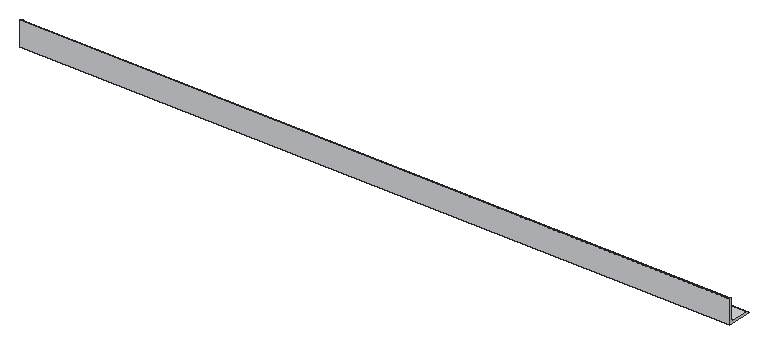
Revit family "AVLN_Набор перемычек", category Обобщенные модели, Revit 2021
Family settings
  Основа = Стена
  Может служить основой для арматурных стержней = Нет
  Размер круглого соединителя = Использовать диаметр
  Тип детали = Нормальный
  Всегда вертикально = Да
  При загрузке вырезать с полостями = Нет
  Общий = Да
  Точка принадлежности помещению = Нет
Parameters (values of type "АР3.1_ПР14_У_120_3630")
  Элемент 9(3) = Перемычки - Пластина (ГОСТ 103-76) : 50х4, L=200
  Элемент 8(2)_Материал = none
  Элемент 8(2) = Перемычки - Уголок (ГОСТ 8509-93) : 160х10, L=190
  Элемент 9(3)_Материал = none
  Элемент 6(1)_Материал = none
  Элемент 6(1) = Перемычки - Уголок (ГОСТ 8509-93) : 160х10, L=190
  Элемент 5(1)_Материал = none
  Элемент 5(1) = Перемычки - Арматура (ГОСТ 34028-2016) : АIII ∅12, L=1500
  Элемент 4(1)_Материал = none
  Элемент 4(1) = Перемычки - Арматура (ГОСТ 34028-2016) : АIII ∅12, L=1500
  Элемент 3(1)_Материал = none
  Элемент 3(1) = Перемычки - Арматура (ГОСТ 34028-2016) : АIII ∅12, L=1500
  Элемент 2(1)_Материал = none
  Элемент 2(1) = Перемычки - Уголок (ГОСТ 8509-93)(Зеркальный) : 40х4, L=2150(Зеркальный)
  Элемент 1(1)_Материал = none
  Элемент 1(1) = Перемычки - Уголок (ГОСТ 8509-93) : 120х8, L=3630
  Ширина проема Элементы8(2)_9(3) = 3130 mm
  Элементы соединительные(3) = no
  Элементы горизонтальные(1) = yes
  Шаг анкера = 60 mm
  Стена_толщина = 120 mm
  Полка_правая = 250 mm
  Полка_левая = 250 mm
  Отступ анкера = 30 mm
  Отметка по умолчанию = 0 mm
  Область маскировки = yes
  Комментарии к типоразмеру = "Фасад_АР3.1"
  Количество анкеров на уголок = 2
  Горизонтальное смещение Элемент1-6(1) = (Полка_правая - Полка_левая) / 2  # 0 mm
  Расчетное расстояние от произвольной плоскости = Расстояние от вспомогательной плоскости + [Горизонтальное смещение Элемент1-6(1)]  # 2500 mm
  Расстояние от вспомогательной плоскости = 2500 mm  # constant formula
  Соединительные Привязка_Элемент 9(3) = ([Ширина проема Элементы8(2)_9(3)] - ([Количество соединительные Элементы 9(3)] - 1) * [Шаг соединительные Элементы 9(3)]) / 2  # 1315 mm
  Количество соединительные Элементы 9(3) = 2
  Шаг соединительные Элементы 9(3) = 500 mm
  Высота Элемент 8(2) = 10 mm
  Элементы крепления(2) = no
  Отступ Элемент 8(2) = 0 mm
  Высота Элемент 9(3) = -4 mm
  Высота Элемент 6(1) = 0 mm
  Элемент 6(1)_Видимость = if(and([Элементы горизонтальные(1)]), Количество горизонтальных элементов > 5, Видимость_not)  # no
  Высота Элемент 5(1) = 0 mm
  Элемент 5(1)_Видимость = if(and([Элементы горизонтальные(1)]), Количество горизонтальных элементов > 4, Видимость_not)  # no
  Высота Элемент 4(1) = 0 mm
  Элемент 4(1)_Видимость = if(and([Элементы горизонтальные(1)]), Количество горизонтальных элементов > 3, Видимость_not)  # no
  Высота Элемент 3(1) = 0 mm
  Элемент 3(1)_Видимость = if(and([Элементы горизонтальные(1)]), Количество горизонтальных элементов > 2, Видимость_not)  # no
  Высота Элемент 2(1) = 0 mm
  Элемент 2(1)_Видимость = if(and([Элементы горизонтальные(1)]), Количество горизонтальных элементов > 1, Видимость_not)  # no
  Высота Элемент 1(1) = 8 mm
  Отступ от 5 до 6 = 0 mm
  Отступ от 4 до 5 = 0 mm
  Отступ от 3 до 4 = 0 mm
  Отступ от 2 до 3 = 0 mm
  Отступ от 1 до 2 = 192 mm
  Отступ до Элемент 1 = 0 mm
  Область видимости_По высоте вниз [instance] = 1200 mm
  Крепление_Справа_Видимость = if(and([Элементы крепления(2)], [Крепление_Справа(2)]), [Видимость Элемент 8(2)], Видимость_not)  # no
  Крепление_Справа(2) = no
  Крепление_Слева_Видимость = if(and([Элементы крепления(2)], [Крепление_Слева(2)]), [Видимость Элемент 8(2)], Видимость_not)  # no
  Крепление_Слева(2) = no
  Количество горизонтальных элементов = 1
  Группа модели = "Перемычка"  # constant formula
  Высота Анкер = 30 mm
  Видимость Элемент 8(2) = Видимость_Определение = 1 mm  # yes
  Видимость_Определение = 1 mm  # constant formula
  Видимость_not = Видимость_Определение = 2 mm  # no
  Анкер_справа_3_Видимость = and(Анкер справа, Количество анкеров на уголок > 2)  # no
  Анкер_справа_2_видимость = and(Анкер справа, Количество анкеров на уголок > 1)  # no
  Анкер_справа_1_видимость = and(Анкер справа, Количество анкеров на уголок > 0)  # no
  Анкер_слева_3_видимость = and(Анкер слева, Количество анкеров на уголок > 2)  # no
  Анкер_слева_2_видимость = and(Анкер слева, Количество анкеров на уголок > 1)  # no
  Анкер_слева_1_видимость = and(Анкер слева, Количество анкеров на уголок > 0)  # no
  Анкер справа = no
  Анкер слева = no
Reference planes
  plane 1 "Стена": y = 0
  plane 2 "По центру (Влево/Вправо)": x = 125
  plane 3 "Назад": y = 150
  plane 4: z = 0
  plane 5: y = -150
  plane 6: y = -150
  plane 7: y = 42
  plane 8: y = 42
  plane 9: y = 42
  plane 10: y = 42
  plane 11: y = 42
  plane 12: x = 1690
  plane 13: x = -1440
  plane 14: y = 360
  plane 15: x = -2375
  plane 16 "Анкер1": y = -120
  plane 17 "Анкер2": y = -60
  plane 18: x = 1940
  plane 19: x = -1690
  plane 20 "нкер3": y = 0
Lines and regions (mm)
  model lines, style "InvisibleLines"
    curve 1: line (125, 0, 0) -> (125, 0, -1200)
Text (mm)
  text "Сторона размещения" at (-2895.44, 3293.409, 0), in view "Опорный уровень"
  text "Сторона размещения" at (0, 1409.804, 2854.306), in view "Слева"
  text "Сторона размещения" at (0, 499.811, 2980.732), in view "Справа"
Dimensions and locks
  plane 3 "Назад" to plane 3 "Назад" = 0 mm
  "Отступ до Элемент 1": plane 6 to plane 5
  "Отступ от 1 до 2": plane 7 to plane 6
  "Отступ от 2 до 3": plane 8 to plane 7
  "Отступ от 3 до 4": plane 9 to plane 8
  "Отступ от 4 до 5": plane 10 to plane 9
  equal spacing: plane 13, plane 2 "По центру (Влево/Вправо)", plane 12
  "Ширина проема Элементы8(2)_9(3)": plane 13 to plane 12
  plane 13 to plane 12 = 3130 mm
  "Отступ Элемент 8(2)": nested 9 to plane 5
  "Отступ Элемент 8(2)": nested 8 to plane 5
  "Расстояние от вспомогательной плоскости": plane 15 to plane 2 "По центру (Влево/Вправо)"
  "Расчетное расстояние от произвольной плоскости": plane 15 to nested 2
  "Расчетное расстояние от произвольной плоскости": plane 15 to nested 3
  "Расчетное расстояние от произвольной плоскости": plane 15 to nested 4
  "Расчетное расстояние от произвольной плоскости": plane 15 to nested 7
  "Расчетное расстояние от произвольной плоскости": plane 15 to nested 5
  "Расчетное расстояние от произвольной плоскости": plane 15 to nested 6
  "Область видимости_По высоте вниз": level to curve 1
  "Область видимости_По высоте вниз": curve 1 to level
  "Соединительные Привязка_Элемент 9(3)": plane 13 to nested 10
  group 1 to group 2 = 500 mm
  group 2 to group 1 = 0 mm
  group 1 to group 2 = 0 mm
  plane 5 to nested 1 to plane 3 "Назад" = 150 mm, 150 mm
  plane 6 to plane 5 = 0 mm
  "Отступ анкера": plane 16 "Анкер1" to plane 5
  "Шаг анкера": plane 17 "Анкер2" to plane 16 "Анкер1"
  "Отступ от 5 до 6": plane 10 to plane 11
  plane 2 "По центру (Влево/Вправо)" to nested 2 = 0 mm
  "Полка_правая": plane 18 to plane 12
  "Полка_левая": plane 19 to plane 13
  "Шаг анкера": plane 17 "Анкер2" to plane 20 "нкер3"
  aligned and locked: plane 1 "Стена" to host wall
  aligned and locked: level to plane 4
  aligned and locked: host wall to plane 5
  aligned and locked: curve 1 to host wall
  aligned and locked: plane 6 to nested 2
  aligned and locked: nested 3 to plane 7
  aligned and locked: nested 4 to plane 8
  aligned and locked: nested 5 to plane 10
  aligned and locked: nested 6 to plane 11
  aligned and locked: nested 7 to plane 9
  aligned and locked: plane 2 "По центру (Влево/Вправо)" to nested 1
  aligned and locked: nested 11 to plane 6
  aligned and locked: nested 10 to plane 6
  aligned and locked: plane 17 "Анкер2" to nested 12
  aligned and locked: plane 16 "Анкер1" to nested 14
  aligned and locked: nested 13 to plane 17 "Анкер2"
  aligned and locked: nested 15 to plane 16 "Анкер1"
  aligned and locked: nested 1 to host wall
  aligned and locked: plane 18 to nested 8
  aligned and locked: plane 18 to nested 12
  aligned and locked: plane 18 to nested 14
  aligned and locked: plane 19 to nested 9
  aligned and locked: nested 13 to plane 19
  aligned and locked: nested 15 to plane 19
  aligned and locked: nested 16 to plane 20 "нкер3"
  aligned and locked: nested 17 to plane 19
  aligned and locked: plane 18 to nested 16
  aligned and locked: plane 20 "нкер3" to nested 17
  aligned and locked: nested 8 to level
  aligned and locked: nested 2 to level
Automatic sketch dimensions
  plane 2 "По центру (Влево/Вправо)" to curve 1 = 0 mm
  curve 1 to level = 0 mm
Nested families
  nested 1: "Прозрачный прямоугольник - Элементы узлов" at (125, -60, 0), b <- "Ширина проема Элементы8(2)_9(3)", visible <- "Область маскировки", Полка_левая <- "Полка_левая", Полка_правая <- "Полка_правая", a <- "Стена_толщина", ADSK_Обозначение <- "Комментарии к типоразмеру", type "Прозрачный прямоугольник - Элементы узлов"
    with Полка_правая 250 mm, Полка_левая 250 mm, b 3130 mm, a 120 mm, ADSK_Обозначение "Фасад_АР3.1"
  nested 2: "Перемычки - Уголок (ГОСТ 8509-93)" at (125, -142.2, 8), type <- "Элемент 1(1)", built-in parameter 1001364 <- "Высота Элемент 1(1)", Structural Material <- "Элемент 1(1)_Материал", visible <- "Элементы горизонтальные(1)", ADSK_Обозначение <- "Комментарии к типоразмеру", type "120х8, L=3630"
    with ADSK_Обозначение "Фасад_АР3.1", Масса 0.00 kg, b_Ширина 120 mm, L_Длина 3630 mm
  nested 3: "Перемычки - Уголок (ГОСТ 8509-93)(Зеркальный)" at (125, 49.8, 0), type <- "Элемент 2(1)", built-in parameter 1001364 <- "Высота Элемент 2(1)", visible <- "Элемент 2(1)_Видимость", Structural Material <- "Элемент 2(1)_Материал", ADSK_Обозначение <- "Комментарии к типоразмеру", type "40х4, L=2150(Зеркальный)"
    with ADSK_Обозначение "Фасад_АР3.1", Масса 5.203 kg, t_Толщина 4 mm, b_Ширина 40 mm, L_Длина 2150 mm
  nested 4: "Перемычки - Арматура (ГОСТ 34028-2016)" at (125, 48, 0), type <- "Элемент 3(1)", built-in parameter 1001364 <- "Высота Элемент 3(1)", visible <- "Элемент 3(1)_Видимость", Structural Material <- "Элемент 3(1)_Материал", ADSK_Обозначение <- "Комментарии к типоразмеру", type "АIII ∅12, L=1500"
    with Область маскировки yes, q 10.2 mm, k 17.109 mm, ADSK_Обозначение "Фасад_АР3.1", Масса 1.33105 kg, Длина 1500 mm, r 6 mm, d_Диаметр 12 mm
  nested 5: "Перемычки - Арматура (ГОСТ 34028-2016)" at (125, 48, 0), built-in parameter 1001364 <- "Высота Элемент 5(1)", visible <- "Элемент 5(1)_Видимость", type <- "Элемент 5(1)", Structural Material <- "Элемент 5(1)_Материал", ADSK_Обозначение <- "Комментарии к типоразмеру", type "АIII ∅12, L=1500"
    with Область маскировки yes, q 10.2 mm, k 17.109 mm, ADSK_Обозначение "Фасад_АР3.1", Масса 1.33105 kg, Длина 1500 mm, r 6 mm, d_Диаметр 12 mm
  nested 6: "Перемычки - Уголок (ГОСТ 8509-93)" at (125, 49.8, 0), type <- "Элемент 6(1)", built-in parameter 1001364 <- "Высота Элемент 6(1)", visible <- "Элемент 6(1)_Видимость", Structural Material <- "Элемент 6(1)_Материал", ADSK_Обозначение <- "Комментарии к типоразмеру", type "160х10, L=190"
    with ADSK_Обозначение "Фасад_АР3.1", Масса 4.6873 kg, t_Толщина 10 mm, b_Ширина 160 mm, L_Длина 190 mm
  nested 7: "Перемычки - Арматура (ГОСТ 34028-2016)" at (125, 48, 0), type <- "Элемент 4(1)", built-in parameter 1001364 <- "Высота Элемент 4(1)", visible <- "Элемент 4(1)_Видимость", Structural Material <- "Элемент 4(1)_Материал", ADSK_Обозначение <- "Комментарии к типоразмеру", type "АIII ∅12, L=1500"
    with Область маскировки yes, q 10.2 mm, k 17.109 mm, ADSK_Обозначение "Фасад_АР3.1", Масса 1.33105 kg, Длина 1500 mm, r 6 mm, d_Диаметр 12 mm
  nested 8: "Перемычки - Уголок (ГОСТ 8509-93)" at (1932.2, -55, 10) x (0, 1, 0) z (0, 0, 1), type <- "Элемент 8(2)", built-in parameter 1001364 <- "Высота Элемент 8(2)", visible <- "Крепление_Справа_Видимость", Structural Material <- "Элемент 8(2)_Материал", ADSK_Обозначение <- "Комментарии к типоразмеру", type "160х10, L=190"
    with ADSK_Обозначение "Фасад_АР3.1", Масса 4.6873 kg, t_Толщина 10 mm, b_Ширина 160 mm, L_Длина 190 mm
  nested 9: "Перемычки - Уголок (ГОСТ 8509-93)" at (-1682.2, -55, 10) x (0, 1, 0) z (0, 0, 1), type <- "Элемент 8(2)", built-in parameter 1001364 <- "Высота Элемент 8(2)", visible <- "Крепление_Слева_Видимость", Structural Material <- "Элемент 8(2)_Материал", ADSK_Обозначение <- "Комментарии к типоразмеру", type "160х10, L=190"
    with ADSK_Обозначение "Фасад_АР3.1", Масса 4.6873 kg, t_Толщина 10 mm, b_Ширина 160 mm, L_Длина 190 mm
  nested 10: "Перемычки - Пластина (ГОСТ 103-76)" at (-125, -50, -4) x (0, 1, 0) z (0, 0, 1), type <- "Элемент 9(3)", built-in parameter 1001364 <- "Высота Элемент 9(3)", visible <- "Элементы соединительные(3)", Structural Material <- "Элемент 9(3)_Материал", ADSK_Обозначение <- "Комментарии к типоразмеру", type "50х4, L=200"
    with ADSK_Обозначение "Фасад_АР3.1", Масса 0.314 kg, t_Толщина 4 mm, b_Ширина 50 mm, L_Длина 200 mm
  nested 11: "Перемычки - Пластина (ГОСТ 103-76)" at (375, -50, -4) x (0, 1, 0) z (0, 0, 1), type <- "Элемент 9(3)", built-in parameter 1001364 <- "Высота Элемент 9(3)", visible <- "Элементы соединительные(3)", Structural Material <- "Элемент 9(3)_Материал", ADSK_Обозначение <- "Комментарии к типоразмеру", type "50х4, L=200"
    with ADSK_Обозначение "Фасад_АР3.1", Масса 0.314 kg, t_Толщина 4 mm, b_Ширина 50 mm, L_Длина 200 mm
  nested 12: "Перемычки - Анкер" at (1932, -54.6, 30), visible <- "Анкер_справа_2_видимость", built-in parameter 1001364 <- "Высота Анкер", ADSK_Обозначение <- "Комментарии к типоразмеру", type "Анкер-шпилька HSAхМ8х75"
    with ADSK_Обозначение "Фасад_АР3.1", Масса 0.031 kg
  nested 13: "Перемычки - Анкер" at (-1682, -65.4, 30) x (-1, 0, 0) z (0, 0, 1), visible <- "Анкер_слева_2_видимость", built-in parameter 1001364 <- "Высота Анкер", ADSK_Обозначение <- "Комментарии к типоразмеру", type "Анкер-шпилька HSAхМ8х75"
    with ADSK_Обозначение "Фасад_АР3.1", Масса 0.031 kg
  nested 14: "Перемычки - Анкер" at (1932, -114.6, 30), visible <- "Анкер_справа_1_видимость", built-in parameter 1001364 <- "Высота Анкер", ADSK_Обозначение <- "Комментарии к типоразмеру", type "Анкер-шпилька HSAхМ8х75"
    with ADSK_Обозначение "Фасад_АР3.1", Масса 0.031 kg
  nested 15: "Перемычки - Анкер" at (-1682, -125.4, 30) x (-1, 0, 0) z (0, 0, 1), visible <- "Анкер_слева_1_видимость", built-in parameter 1001364 <- "Высота Анкер", ADSK_Обозначение <- "Комментарии к типоразмеру", type "Анкер-шпилька HSAхМ8х75"
    with ADSK_Обозначение "Фасад_АР3.1", Масса 0.031 kg
  nested 16: "Перемычки - Анкер" at (1932, 5.4, 30), visible <- "Анкер_справа_3_Видимость", built-in parameter 1001364 <- "Высота Анкер", ADSK_Обозначение <- "Комментарии к типоразмеру", type "Анкер-шпилька HSAхМ8х75"
    with ADSK_Обозначение "Фасад_АР3.1", Масса 0.031 kg
  nested 17: "Перемычки - Анкер" at (-1682, -5.4, 30) x (-1, 0, 0) z (0, 0, 1), visible <- "Анкер_слева_3_видимость", built-in parameter 1001364 <- "Высота Анкер", ADSK_Обозначение <- "Комментарии к типоразмеру", type "Анкер-шпилька HSAхМ8х75"
    with ADSK_Обозначение "Фасад_АР3.1", Масса 0.031 kg
Definition of nested family "Перемычки - Уголок (ГОСТ 8509-93)"
  Parameters (values of type "125х8, L=200")
    Сталь по настоящему стандарту = "С245 ГОСТ 27772-88"
    Description = "Уголки"  # constant formula
    Обозначение стандарта на сортамент = "ГОСТ 8509-93"  # constant formula
    Обозначение = "ГОСТ 8509-93"
    Наименование = ""
    Масса = size_lookup(Lookup, "Масса", 0.00 kg, b_Ширина, t_Толщина) / 1000 mm * L_Длина  # 3.092 kg
    Model = "Элементы перемычек"  # constant formula
    t_Толщина = 8 mm
    b_Ширина = 125 mm
    Lookup = "ГОСТ 8509-93. Уголки стальные горячекатаные равнополочные"  # constant formula
    L_Длина = 200 mm
    ADSK_Обозначение [instance] = ""
  Reference planes
    plane 1: z = 0
    plane 2 "По центру (Влево/Вправо)": x = 0
    plane 3: x = -100
    plane 4: x = 100
    plane 5: y = -7.8
  Forms (mm)
    Sweep 1, solid
      path origin (0, -7.8, -7.8) x (1, 0, 0) y (0, 1, 0)
        loop
          line (-100, 0) -> (100, 0)
      profile "Уголок (ГОСТ 8509-93)-Профиль-Высокий : Уголок (ГОСТ 8509-93)-Профиль-Высокий" origin (0, -7.8, -7.8) x (0, 1, 0) y (0, 0, 1)
        loop
          line (-8, 124.8) -> (-8, -0.2) -> (117, -0.2)
          arc (117, -0.2) -> (114.657, 5.457) -> (109, 7.8) r 8
          line (109, 7.8) -> (20.833, 7.8)
          arc (20.833, 7.8) -> (6.102, 13.902) -> (0, 28.633) r 20.833
          line (0, 28.633) -> (0, 116.8)
          arc (0, 116.8) -> (-2.343, 122.457) -> (-8, 124.8) r 8
  Dimensions and locks
    equal spacing: plane 3, plane 2 "По центру (Влево/Вправо)", plane 4
    "L_Длина": plane 3 to plane 4
    aligned and locked: plane 1 to level
    aligned and locked: Sweep 1 to plane 5
    aligned and locked: level to Sweep 1
  Automatic sketch dimensions
    Sweep 1 sketch curve to plane 3 = 0 mm
    Sweep 1 sketch curve to plane 4 = 0 mm
    Sweep 1 sketch curve to plane 5 = 0 mm
Definition of nested family "Перемычки - Уголок (ГОСТ 8509-93)(Зеркальный)"
  Parameters (values of type "50х6, L=1030(Зеркальный)")
    Сталь по настоящему стандарту = "С245 ГОСТ 27772-88"
    Description = "Уголки"  # constant formula
    Обозначение стандарта на сортамент = "ГОСТ 8509-93"  # constant formula
    Обозначение = "ГОСТ 8509-93"
    Наименование = "50x50x8 ГОСТ 8509-93"
    Масса = size_lookup(Lookup, "Масса", 0.00 kg, b_Ширина, t_Толщина) / 1000 mm * L_Длина  # 4.6041 kg
    Model = "Элементы перемычек"  # constant formula
    t_Толщина = 6 mm
    b_Ширина = 50 mm
    Lookup = "ГОСТ 8509-93. Уголки стальные горячекатаные равнополочные"  # constant formula
    L_Длина = 1030 mm
    ADSK_Обозначение [instance] = ""
  Reference planes
    plane 1: z = 0
    plane 2 "По центру (Влево/Вправо)": x = 0
    plane 3: x = -515
    plane 4: x = 515
    plane 5: y = -7.8
  Forms (mm)
    Sweep 1, solid
      path origin (0, -7.8, -7.8) x (1, 0, 0) y (0, 1, 0)
        loop
          line (-515, 0) -> (515, 0)
      profile "Уголок (ГОСТ 8509-93)-Профиль-Высокий : Уголок (ГОСТ 8509-93)-Профиль-Высокий" origin (0, -7.8, -7.8) x (0, 1, 0) y (0, 0, 1)
        loop
          arc (6, 51.8) -> (1.757, 50.043) -> (0, 45.8) r 6
          line (0, 45.8) -> (0, 16.133)
          arc (0, 16.133) -> (-2.441, 10.241) -> (-8.333, 7.8) r 8.333
          line (-8.333, 7.8) -> (-38, 7.8)
          arc (-38, 7.8) -> (-42.243, 6.043) -> (-44, 1.8) r 6
          line (-44, 1.8) -> (6, 1.8) -> (6, 51.8)
  Dimensions and locks
    equal spacing: plane 3, plane 2 "По центру (Влево/Вправо)", plane 4
    "L_Длина": plane 3 to plane 4
    aligned and locked: plane 1 to level
    aligned and locked: plane 5 to Sweep 1
    aligned and locked: level to Sweep 1
  Automatic sketch dimensions
    Sweep 1 sketch curve to plane 3 = 0 mm
    Sweep 1 sketch curve to plane 4 = 0 mm
    plane 5 to Sweep 1 sketch curve = 0 mm
Definition of nested family "Перемычки - Арматура (ГОСТ 34028-2016)"
  Parameters (values of type "АIII ∅16, L=1110")
    Description = "Арматура"  # constant formula
    Обозначение = "34028-2016"  # constant formula
    Область маскировки [instance] = yes
    Наименование = "АIII ∅16, L=1500"
    Масса = d_Диаметр * d_Диаметр * 3.14 / 4 * Длина * 7850.0000 kg/m³  # 1.75106 kg
    Длина = 1110 mm
    Model = "Элементы перемычек"  # constant formula
    r = d_Диаметр / 2  # 8 mm
    q [instance] = r * 1.7  # 13.6 mm
    k [instance] = 17.109 mm
    d_Диаметр = 16 mm
    ADSK_Обозначение [instance] = ""
  Reference planes
    plane 1 "По центру (Вперед/Назад)": y = 0
    plane 2: z = 0
    plane 3 "По центру (Влево/Вправо)": x = 0
    plane 4: x = -555
    plane 5: x = 555
    plane 6: z = 8
    plane 7: y = 8
    plane 8: z = 16
    plane 9: y = -8
    plane 10: z = 21.6
    plane 11: y = 17.109
    plane 12: y = -13.6
  Forms (mm)
    Extrusion 1, solid
      sketch origin (0, 0, 0) x (0, 1, 0) y (0, 0, 1)
        loop
          circle (0, 8) r 8
      from -555 to 555
  Lines and regions (mm)
    Masking region 1, visible <- "Область маскировки"
      outline origin (0, 0, 0) x (0, 1, 0) y (0, 0, 1)
        loop
          line (17.109, 21.6) -> (-8, 21.6) -> (-17.718, 0) -> (-0.597, 0) -> (-1.534, 0.149)
          arc (-1.534, 0.149) -> (-0.09, 15.999) -> (1.712, 0.185) r 8
          line (1.712, 0.185) -> (0.866, 0) -> (17.109, 0) -> (17.109, 21.6)
  Dimensions and locks
    equal spacing: plane 4, plane 3 "По центру (Влево/Вправо)", plane 5
    "Длина": plane 4 to plane 5
    "r": plane 6 to level
    "r": plane 7 to plane 1 "По центру (Вперед/Назад)"
    "r": plane 8 to plane 6
    "r": plane 9 to plane 1 "По центру (Вперед/Назад)"
    "k": plane 11 to plane 1 "По центру (Вперед/Назад)"
    "q": plane 10 to plane 6
    "q": plane 1 "По центру (Вперед/Назад)" to plane 12
    "r": radius of Extrusion 1 sketch curve
    "r": radius of Masking region 1 sketch curve
    aligned and locked: plane 2 to level
    aligned and locked: Extrusion 1 to plane 4
    aligned and locked: plane 5 to Extrusion 1
  Automatic sketch dimensions
    Extrusion 1 sketch curve to plane 1 "По центру (Вперед/Назад)" = 0 mm
    Extrusion 1 sketch curve to plane 6 = 0 mm
    Masking region 1 sketch curve to level = 0 mm  (x3)
    Masking region 1 sketch curve to plane 9 = 0 mm
    Masking region 1 sketch curve to plane 1 "По центру (Вперед/Назад)" = 0 mm
    Masking region 1 sketch curve to plane 11 = 0 mm
    Masking region 1 sketch curve to plane 6 = 0 mm
    Masking region 1 sketch curve to plane 10 = 0 mm
    plane 12 to Masking region 1 sketch curve = 4.118 mm
    level to Masking region 1 sketch curve = 0.149 mm
    level to Masking region 1 sketch curve = 0.185 mm
    plane 1 "По центру (Вперед/Назад)" to Masking region 1 sketch curve = 0.597 mm
    Masking region 1 sketch curve to plane 1 "По центру (Вперед/Назад)" = 0.866 mm
Definition of nested family "Перемычки - Пластина (ГОСТ 103-76)"
  Parameters (values of type "80х6, L=250")
    Сталь по настоящему стандарту = "С245 ГОСТ 27772-88"
    Description = "Пластины"  # constant formula
    Обозначение стандарта на сортамент = "ГОСТ 103-76"  # constant formula
    Обозначение = "ГОСТ 103-76"  # constant formula
    Наименование = "250х80х6 ГОСТ 103-76"
    Масса = t_Толщина * b_Ширина * L_Длина * 7850.0000 kg/m³  # 0.942 kg
    Model = "Элементы перемычек"  # constant formula
    t_Толщина = 6 mm
    b_Ширина = 80 mm
    L_Длина = 250 mm
    ADSK_Обозначение [instance] = ""
  Reference planes
    plane 1 "По центру (Вперед/Назад)": y = 0
    plane 2: z = 0
    plane 3 "По центру (Влево/Вправо)": x = 0
    plane 4: x = -125
    plane 5: x = 125
    plane 6: y = -40
    plane 7: z = -6
    plane 8: y = 40
  Forms (mm)
    Extrusion 1, solid
      sketch origin (0, 0, 0) x (1, 0, 0) y (0, 1, 0)
        loop
          line (-125, 40) -> (-125, -40) -> (125, -40) -> (125, 40) -> (-125, 40)
      from 0 to -6
  Dimensions and locks
    equal spacing: plane 4, plane 3 "По центру (Влево/Вправо)", plane 5
    "L_Длина": plane 4 to plane 5
    "t_Толщина": level to plane 7
    equal spacing: plane 8, plane 1 "По центру (Вперед/Назад)", plane 6
    "b_Ширина": plane 8 to plane 6
    aligned and locked: plane 2 to level
    aligned and locked: plane 4 to Extrusion 1 sketch curve
    aligned and locked: plane 6 to Extrusion 1 sketch curve
    aligned and locked: Extrusion 1 sketch curve to plane 5
    aligned and locked: Extrusion 1 to plane 7
    aligned and locked: Extrusion 1 sketch curve to plane 8
Definition of nested family "Перемычки - Анкер"
  Parameters (values of type "Анкер-шпилька HSAхМ8х75")
    Сталь по настоящему стандарту = ""
    Description = "Анкера"  # constant formula
    Обозначение стандарта на сортамент = ""
    Обозначение = ""
    Наименование = "Анкер-шпилька HSAхМ8х75"
    Масса = 0.00 kg
    Model = "Элементы перемычек"  # constant formula
    t_Толщина = 8 mm
    b_Ширина = 12 mm
    Lookup = ""
    L_Длина = 75 mm
    ADSK_Обозначение [instance] = ""
  Reference planes
    plane 1: z = 0
    plane 2 "По центру (Влево/Вправо)": x = 0
    plane 3: x = 75
    plane 4: y = -5.4
    plane 5: x = 8
  Forms (mm)
    Sweep 1, solid
      path origin (0, -5.4, -1.174) x (1, 0, 0) y (0, 0, 1)
        loop
          line (75, 1.174) -> (0, 1.174)
      profile origin (37.5, -5.4, 0) x (0, 0, -1) y (0, -1, 0)
        loop
          circle (0, 0) r 4
    Extrusion 2, solid
      sketch origin (0, -5.4, 0) x (0, -1, 0) y (0, 0, 1)
        loop
          circle (0, 0) r 4
        loop
          circle (0, 0) r 12
      from -8 to 0
  Dimensions and locks
    plane 2 "По центру (Влево/Вправо)" to plane 3 = 75 mm
    "L_Длина": plane 2 "По центру (Влево/Вправо)" to plane 3
    plane 2 "По центру (Влево/Вправо)" to plane 5 = 8 mm
    "t_Толщина": diameter of Sweep 1 sketch curve
    "t_Толщина": diameter of Extrusion 2 sketch curve
    "b_Ширина": radius of Extrusion 2 sketch curve
    aligned and locked: plane 1 to level
    aligned and locked: Sweep 1 sketch curve to plane 1
    aligned and locked: plane 2 "По центру (Влево/Вправо)" to Sweep 1 sketch curve
    aligned and locked: plane 3 to Sweep 1 sketch curve
    aligned and locked: plane 5 to Extrusion 2
    aligned and locked: Extrusion 2 to plane 2 "По центру (Влево/Вправо)"
  Automatic sketch dimensions
    Sweep 1 sketch curve to plane 4 = 0 mm
    Sweep 1 sketch curve to profile plane = 0 mm
    Extrusion 2 sketch curve to Extrusion 2 sketch curve = 0 mm  (x2)
Definition of nested family "Прозрачный прямоугольник - Элементы узлов"
  Parameters (values of type "Прозрачный прямоугольник - Элементы узлов")
    Полка_правая [instance] = 100 mm
    Полка_левая [instance] = 100 mm
    b [instance] = 300 mm
    a [instance] = 300 mm
    ADSK_Обозначение [instance] = ""
  Reference planes
    plane 1 "По центру (Вперед/Назад)": y = 0
    plane 2: z = 0
    plane 3 "По центру (Влево/Вправо)": x = 0
    plane 4: x = -150
    plane 5: x = 150
    plane 6: y = 300
    plane 7: y = 150
    plane 8 "полка левая": x = -250
    plane 9 "полка правая": x = 250
  Lines and regions (mm)
    detail lines, in view "Опорный уровень"
      curve 1: line (-250, 300, 0) -> (250, 300, 0)
      curve 2: line (-250, 0, 0) -> (-250, 300, 0)
      curve 3: line (250, 0, 0) -> (-250, 0, 0)
      curve 4: line (250, 300, 0) -> (250, 0, 0)
      curve 5: line (-150, 300, 0) -> (-150, 0, 0)
      curve 6: line (150, 300, 0) -> (150, 0, 0)
  Dimensions and locks
    equal spacing: plane 4, plane 3 "По центру (Влево/Вправо)", plane 5
    "a": plane 1 "По центру (Вперед/Назад)" to plane 6
    "b": plane 4 to plane 5
    equal spacing: plane 1 "По центру (Вперед/Назад)", plane 7, plane 6
    "Полка_правая": plane 5 to plane 9 "полка правая"
    "Полка_левая": plane 8 "полка левая" to plane 4
    aligned and locked: curve 1 to plane 6
    aligned and locked: curve 3 to plane 1 "По центру (Вперед/Назад)"
    aligned and locked: curve 4 to plane 9 "полка правая"
    aligned and locked: plane 8 "полка левая" to curve 2
    aligned and locked: curve 5 to plane 4
    aligned and locked: curve 6 to plane 5
    aligned and locked: plane 6 to curve 5
    aligned and locked: plane 1 "По центру (Вперед/Назад)" to curve 5
Types (54, lengths in mm): name | Элемент 9(3) | Элемент 8(2) | Элемент 6(1) | Элемент 5(1) | Элемент 4(1) | Элемент 3(1) | Элемент 2(1) | Элемент 1(1) | Ширина проема Элементы8(2)_9(3) | Элементы соединительные(3) | Шаг анкера | Стена_толщина | Полка_правая | Полка_левая | Отступ анкера | Комментарии к типоразмеру | Количество анкеров на уголок | Горизонтальное смещение Элемент1-6(1) | Расчетное расстояние от произвольной плоскости | Соединительные Привязка_Элемент 9(3) | Количество соединительные Элементы 9(3) | Высота Элемент 8(2) | Элементы крепления(2) | Отступ Элемент 8(2) | Высота Элемент 9(3) | Элемент 5(1)_Видимость | Элемент 4(1)_Видимость | Элемент 3(1)_Видимость | Элемент 2(1)_Видимость | Высота Элемент 1(1) | Отступ от 5 до 6 | Отступ от 4 до 5 | Отступ от 3 до 4 | Отступ от 2 до 3 | Отступ от 1 до 2 | Отступ до Элемент 1 | Крепление_Справа_Видимость | Крепление_Справа(2) | Крепление_Слева_Видимость | Крепление_Слева(2) | Количество горизонтальных элементов | Высота Анкер | Анкер_справа_3_Видимость | Анкер_справа_2_видимость | Анкер_справа_1_видимость | Анкер_слева_3_видимость | Анкер_слева_2_видимость | Анкер_слева_1_видимость | Анкер справа | Анкер слева
  АР3.1_ПР14_У_120_3630 | Перемычки - Пластина (ГОСТ 103-76) : 50х4, L=200 | Перемычки - Уголок (ГОСТ 8509-93) : 160х10, L=190 | Перемычки - Уголок (ГОСТ 8509-93) : 160х10, L=190 | Перемычки - Арматура (ГОСТ 34028-2016) : АIII ∅12, L=1500 | Перемычки - Арматура (ГОСТ 34028-2016) : АIII ∅12, L=1500 | Перемычки - Арматура (ГОСТ 34028-2016) : АIII ∅12, L=1500 | Перемычки - Уголок (ГОСТ 8509-93)(Зеркальный) : 40х4, L=2150(Зеркальный) | Перемычки - Уголок (ГОСТ 8509-93) : 120х8, L=3630 | 3130 | no | 60 | 120 | 250 | 250 | 30 | "Фасад_АР3.1" | 2 | 0 | 2500 | 1315 | 2 | 10 | no | 0 | -4 | no | no | no | no | 8 | 0 | 0 | 0 | 0 | 192 | 0 | no | no | no | no | 1 | 30 | no | no | no | no | no | no | no | no
  АР3.1_ПР7_У_120_2580 | Перемычки - Пластина (ГОСТ 103-76) : 50х4, L=200 | Перемычки - Уголок (ГОСТ 8509-93) : 160х10, L=190 | Перемычки - Уголок (ГОСТ 8509-93) : 160х10, L=190 | Перемычки - Арматура (ГОСТ 34028-2016) : АIII ∅12, L=1500 | Перемычки - Арматура (ГОСТ 34028-2016) : АIII ∅12, L=1500 | Перемычки - Арматура (ГОСТ 34028-2016) : АIII ∅12, L=1500 | Перемычки - Уголок (ГОСТ 8509-93)(Зеркальный) : 40х4, L=2150(Зеркальный) | Перемычки - Уголок (ГОСТ 8509-93) : 120х8, L=2580 | 2080 | no | 60 | 120 | 250 | 250 | 30 | "Фасад_АР3.1" | 2 | 0 | 2500 | 290 | 4 | 0 | no | 0 | -4 | no | no | no | no | 0 | 0 | 0 | 0 | 0 | 192 | 0 | no | no | no | no | 1 | 30 | no | no | no | no | no | no | no | no
  АР3.1_ПР17_У_120_5570 | Перемычки - Пластина (ГОСТ 103-76) : 50х4, L=200 | Перемычки - Уголок (ГОСТ 8509-93) : 160х10, L=190 | Перемычки - Уголок (ГОСТ 8509-93) : 160х10, L=190 | Перемычки - Арматура (ГОСТ 34028-2016) : АIII ∅12, L=1500 | Перемычки - Арматура (ГОСТ 34028-2016) : АIII ∅12, L=1500 | Перемычки - Арматура (ГОСТ 34028-2016) : АIII ∅12, L=1500 | Перемычки - Уголок (ГОСТ 8509-93)(Зеркальный) : 40х4, L=2150(Зеркальный) | Перемычки - Уголок (ГОСТ 8509-93) : 120х8, L=5570 | 5070 | no | 60 | 120 | 250 | 250 | 30 | "Фасад_АР3.1" | 2 | 0 | 2500 | 2285 | 2 | 0 | no | 0 | -4 | no | no | no | no | 0 | 0 | 0 | 0 | 0 | 192 | 0 | no | no | no | no | 1 | 30 | no | no | no | no | no | no | no | no
  АР3.1_ПР16_У_120_4160 | Перемычки - Пластина (ГОСТ 103-76) : 50х4, L=200 | Перемычки - Уголок (ГОСТ 8509-93) : 160х10, L=190 | Перемычки - Уголок (ГОСТ 8509-93) : 160х10, L=190 | Перемычки - Арматура (ГОСТ 34028-2016) : АIII ∅12, L=1500 | Перемычки - Арматура (ГОСТ 34028-2016) : АIII ∅12, L=1500 | Перемычки - Арматура (ГОСТ 34028-2016) : АIII ∅12, L=1500 | Перемычки - Уголок (ГОСТ 8509-93)(Зеркальный) : 40х4, L=2150(Зеркальный) | Перемычки - Уголок (ГОСТ 8509-93) : 120х8, L=4160 | 3660 | no | 60 | 120 | 250 | 250 | 30 | "Фасад_АР3.1" | 2 | 0 | 2500 | 1580 | 2 | 0 | no | 0 | -4 | no | no | no | no | 0 | 0 | 0 | 0 | 0 | 192 | 0 | no | no | no | no | 1 | 30 | no | no | no | no | no | no | no | no
  АР3.1_ПР9_У_120_2760 | Перемычки - Пластина (ГОСТ 103-76) : 50х4, L=200 | Перемычки - Уголок (ГОСТ 8509-93) : 160х10, L=190 | Перемычки - Уголок (ГОСТ 8509-93) : 160х10, L=190 | Перемычки - Арматура (ГОСТ 34028-2016) : АIII ∅12, L=1500 | Перемычки - Арматура (ГОСТ 34028-2016) : АIII ∅12, L=1500 | Перемычки - Арматура (ГОСТ 34028-2016) : АIII ∅12, L=1500 | Перемычки - Уголок (ГОСТ 8509-93)(Зеркальный) : 40х4, L=2150(Зеркальный) | Перемычки - Уголок (ГОСТ 8509-93) : 120х8, L=2760 | 2260 | no | 60 | 120 | 250 | 250 | 30 | "Фасад_АР3.1" | 2 | 0 | 2500 | 880 | 2 | 0 | no | 0 | -4 | no | no | no | no | 0 | 0 | 0 | 0 | 0 | 192 | 0 | no | no | no | no | 1 | 30 | no | no | no | no | no | no | no | no
  АР3.1_ПР3_У_120_1810 | Перемычки - Пластина (ГОСТ 103-76) : 50х4, L=200 | Перемычки - Уголок (ГОСТ 8509-93) : 160х10, L=190 | Перемычки - Уголок (ГОСТ 8509-93) : 160х10, L=190 | Перемычки - Арматура (ГОСТ 34028-2016) : АIII ∅12, L=1500 | Перемычки - Арматура (ГОСТ 34028-2016) : АIII ∅12, L=1500 | Перемычки - Арматура (ГОСТ 34028-2016) : АIII ∅12, L=1500 | Перемычки - Уголок (ГОСТ 8509-93)(Зеркальный) : 40х4, L=2150(Зеркальный) | Перемычки - Уголок (ГОСТ 8509-93) : 120х8, L=1810 | 1310 | no | 60 | 120 | 250 | 250 | 30 | "Фасад_АР3.1" | 2 | 0 | 2500 | 405 | 2 | 0 | no | 0 | -4 | no | no | no | no | 0 | 0 | 0 | 0 | 0 | 192 | 0 | no | no | no | no | 1 | 30 | no | no | no | no | no | no | no | no
  АР3.1_ПР8_У_120_2590 | Перемычки - Пластина (ГОСТ 103-76) : 50х4, L=200 | Перемычки - Уголок (ГОСТ 8509-93) : 160х10, L=190 | Перемычки - Уголок (ГОСТ 8509-93) : 160х10, L=190 | Перемычки - Арматура (ГОСТ 34028-2016) : АIII ∅12, L=1500 | Перемычки - Арматура (ГОСТ 34028-2016) : АIII ∅12, L=1500 | Перемычки - Арматура (ГОСТ 34028-2016) : АIII ∅12, L=1500 | Перемычки - Уголок (ГОСТ 8509-93)(Зеркальный) : 40х4, L=2150(Зеркальный) | Перемычки - Уголок (ГОСТ 8509-93) : 120х8, L=2590 | 2090 | no | 60 | 120 | 250 | 250 | 30 | "Фасад_АР3.1" | 2 | 0 | 2500 | 295 | 4 | 0 | no | 0 | -4 | no | no | no | no | 0 | 0 | 0 | 0 | 0 | 192 | 0 | no | no | no | no | 1 | 30 | no | no | no | no | no | no | no | no
  АР3.1_ПР13_У_120_3620 | Перемычки - Пластина (ГОСТ 103-76) : 50х4, L=200 | Перемычки - Уголок (ГОСТ 8509-93) : 160х10, L=190 | Перемычки - Уголок (ГОСТ 8509-93) : 160х10, L=190 | Перемычки - Арматура (ГОСТ 34028-2016) : АIII ∅12, L=1500 | Перемычки - Арматура (ГОСТ 34028-2016) : АIII ∅12, L=1500 | Перемычки - Арматура (ГОСТ 34028-2016) : АIII ∅12, L=1500 | Перемычки - Уголок (ГОСТ 8509-93)(Зеркальный) : 40х4, L=2150(Зеркальный) | Перемычки - Уголок (ГОСТ 8509-93) : 120х8, L=3620 | 3120 | no | 60 | 120 | 250 | 250 | 30 | "Фасад_АР3.1" | 2 | 0 | 2500 | 1310 | 2 | 0 | no | 0 | -4 | no | no | no | no | 0 | 0 | 0 | 0 | 0 | 192 | 0 | no | no | no | no | 1 | 30 | no | no | no | no | no | no | no | no
  АР3.1_ПР10_У_120_2850 | Перемычки - Пластина (ГОСТ 103-76) : 50х4, L=200 | Перемычки - Уголок (ГОСТ 8509-93) : 160х10, L=190 | Перемычки - Уголок (ГОСТ 8509-93) : 160х10, L=190 | Перемычки - Арматура (ГОСТ 34028-2016) : АIII ∅12, L=1500 | Перемычки - Арматура (ГОСТ 34028-2016) : АIII ∅12, L=1500 | Перемычки - Арматура (ГОСТ 34028-2016) : АIII ∅12, L=1500 | Перемычки - Уголок (ГОСТ 8509-93)(Зеркальный) : 40х4, L=2150(Зеркальный) | Перемычки - Уголок (ГОСТ 8509-93) : 120х8, L=2850 | 2350 | no | 60 | 120 | 250 | 250 | 30 | "Фасад_АР3.1" | 2 | 0 | 2500 | 425 | 4 | 0 | no | 0 | -4 | no | no | no | no | 0 | 0 | 0 | 0 | 0 | 192 | 0 | no | no | no | no | 1 | 30 | no | no | no | no | no | no | no | no
  АР3.1_ПР15_У_120_3800 | Перемычки - Пластина (ГОСТ 103-76) : 50х4, L=200 | Перемычки - Уголок (ГОСТ 8509-93) : 160х10, L=190 | Перемычки - Уголок (ГОСТ 8509-93) : 160х10, L=190 | Перемычки - Арматура (ГОСТ 34028-2016) : АIII ∅12, L=1500 | Перемычки - Арматура (ГОСТ 34028-2016) : АIII ∅12, L=1500 | Перемычки - Арматура (ГОСТ 34028-2016) : АIII ∅12, L=1500 | Перемычки - Уголок (ГОСТ 8509-93)(Зеркальный) : 40х4, L=2150(Зеркальный) | Перемычки - Уголок (ГОСТ 8509-93) : 120х8, L=3800 | 3300 | no | 60 | 120 | 250 | 250 | 30 | "Фасад_АР3.1" | 2 | 0 | 2500 | 1400 | 2 | 0 | no | 0 | -4 | no | no | no | no | 0 | 0 | 0 | 0 | 0 | 192 | 0 | no | no | no | no | 1 | 30 | no | no | no | no | no | no | no | no
  АР3.1_ПР11_У_120_3580 | Перемычки - Пластина (ГОСТ 103-76) : 50х4, L=200 | Перемычки - Уголок (ГОСТ 8509-93) : 160х10, L=190 | Перемычки - Уголок (ГОСТ 8509-93) : 160х10, L=190 | Перемычки - Арматура (ГОСТ 34028-2016) : АIII ∅12, L=1500 | Перемычки - Арматура (ГОСТ 34028-2016) : АIII ∅12, L=1500 | Перемычки - Арматура (ГОСТ 34028-2016) : АIII ∅12, L=1500 | Перемычки - Уголок (ГОСТ 8509-93)(Зеркальный) : 40х4, L=2150(Зеркальный) | Перемычки - Уголок (ГОСТ 8509-93) : 120х8, L=3580 | 3000 | no | 60 | 120 | 250 | 250 | 30 | "Фасад_АР3.1" | 2 | 0 | 2500 | 1250 | 2 | 0 | no | 0 | -4 | no | no | no | no | 0 | 0 | 0 | 0 | 0 | 192 | 0 | no | no | no | no | 1 | 30 | no | no | no | no | no | no | no | no
  АР3.1_ПР12_У_120_3610 | Перемычки - Пластина (ГОСТ 103-76) : 50х4, L=200 | Перемычки - Уголок (ГОСТ 8509-93) : 160х10, L=190 | Перемычки - Уголок (ГОСТ 8509-93) : 160х10, L=190 | Перемычки - Арматура (ГОСТ 34028-2016) : АIII ∅12, L=1500 | Перемычки - Арматура (ГОСТ 34028-2016) : АIII ∅12, L=1500 | Перемычки - Арматура (ГОСТ 34028-2016) : АIII ∅12, L=1500 | Перемычки - Уголок (ГОСТ 8509-93)(Зеркальный) : 40х4, L=2150(Зеркальный) | Перемычки - Уголок (ГОСТ 8509-93) : 120х8, L=3610 | 3110 | no | 60 | 120 | 250 | 250 | 30 | "Фасад_АР3.1" | 2 | 0 | 2500 | 805 | 4 | 0 | no | 0 | -4 | no | no | no | no | 0 | 0 | 0 | 0 | 0 | 192 | 0 | no | no | no | no | 1 | 30 | no | no | no | no | no | no | no | no
  АР3.1_ПР1_У_120_1290 | Перемычки - Пластина (ГОСТ 103-76) : 50х4, L=200 | Перемычки - Уголок (ГОСТ 8509-93) : 160х10, L=190 | Перемычки - Уголок (ГОСТ 8509-93) : 160х10, L=190 | Перемычки - Арматура (ГОСТ 34028-2016) : АIII ∅12, L=1500 | Перемычки - Арматура (ГОСТ 34028-2016) : АIII ∅12, L=1500 | Перемычки - Арматура (ГОСТ 34028-2016) : АIII ∅12, L=1500 | Перемычки - Уголок (ГОСТ 8509-93)(Зеркальный) : 40х4, L=2150(Зеркальный) | Перемычки - Уголок (ГОСТ 8509-93) : 120х8, L=1290 | 790 | no | 60 | 120 | 250 | 250 | 30 | "Фасад_АР3.1" | 2 | 0 | 2500 | 145 | 2 | 0 | no | 0 | -4 | no | no | no | no | 0 | 0 | 0 | 0 | 0 | 192 | 0 | no | no | no | no | 1 | 30 | no | no | no | no | no | no | no | no
  АР3.1_ПР6_У_120_2330 | Перемычки - Пластина (ГОСТ 103-76) : 50х4, L=200 | Перемычки - Уголок (ГОСТ 8509-93) : 160х10, L=190 | Перемычки - Уголок (ГОСТ 8509-93) : 160х10, L=190 | Перемычки - Арматура (ГОСТ 34028-2016) : АIII ∅12, L=1500 | Перемычки - Арматура (ГОСТ 34028-2016) : АIII ∅12, L=1500 | Перемычки - Арматура (ГОСТ 34028-2016) : АIII ∅12, L=1500 | Перемычки - Уголок (ГОСТ 8509-93)(Зеркальный) : 40х4, L=2150(Зеркальный) | Перемычки - Уголок (ГОСТ 8509-93) : 120х8, L=2330 | 1830 | no | 60 | 120 | 250 | 250 | 30 | "Фасад_АР3.1" | 2 | 0 | 2500 | 165 | 4 | 0 | no | 0 | -4 | no | no | no | no | 0 | 0 | 0 | 0 | 0 | 192 | 0 | no | no | no | no | 1 | 30 | no | no | no | no | no | no | no | no
  АР3.1_ПР2_У_120_1490 | Перемычки - Пластина (ГОСТ 103-76) : 50х4, L=200 | Перемычки - Уголок (ГОСТ 8509-93) : 160х10, L=190 | Перемычки - Уголок (ГОСТ 8509-93) : 160х10, L=190 | Перемычки - Арматура (ГОСТ 34028-2016) : АIII ∅12, L=1500 | Перемычки - Арматура (ГОСТ 34028-2016) : АIII ∅12, L=1500 | Перемычки - Арматура (ГОСТ 34028-2016) : АIII ∅12, L=1500 | Перемычки - Уголок (ГОСТ 8509-93)(Зеркальный) : 40х4, L=2150(Зеркальный) | Перемычки - Уголок (ГОСТ 8509-93) : 120х8, L=1490 | 990 | no | 60 | 120 | 250 | 250 | 30 | "Фасад_АР3.1" | 2 | 0 | 2500 | 245 | 2 | 0 | no | 0 | -4 | no | no | no | no | 0 | 0 | 0 | 0 | 0 | 192 | 0 | no | no | no | no | 1 | 30 | no | no | no | no | no | no | no | no
  АР3.1_ПР4_У_120_1940 | Перемычки - Пластина (ГОСТ 103-76) : 50х4, L=200 | Перемычки - Уголок (ГОСТ 8509-93) : 160х10, L=190 | Перемычки - Уголок (ГОСТ 8509-93) : 160х10, L=190 | Перемычки - Арматура (ГОСТ 34028-2016) : АIII ∅12, L=1500 | Перемычки - Арматура (ГОСТ 34028-2016) : АIII ∅12, L=1500 | Перемычки - Арматура (ГОСТ 34028-2016) : АIII ∅12, L=1500 | Перемычки - Уголок (ГОСТ 8509-93)(Зеркальный) : 40х4, L=2150(Зеркальный) | Перемычки - Уголок (ГОСТ 8509-93) : 120х8, L=1940 | 1440 | no | 60 | 120 | 250 | 250 | 30 | "Фасад_АР3.1" | 2 | 0 | 2500 | 470 | 2 | 0 | no | 0 | -4 | no | no | no | no | 0 | 0 | 0 | 0 | 0 | 192 | 0 | no | no | no | no | 1 | 30 | no | no | no | no | no | no | no | no
  АР3.1_ПР5_У_120_2070 | Перемычки - Пластина (ГОСТ 103-76) : 50х4, L=200 | Перемычки - Уголок (ГОСТ 8509-93) : 160х10, L=190 | Перемычки - Уголок (ГОСТ 8509-93) : 160х10, L=190 | Перемычки - Арматура (ГОСТ 34028-2016) : АIII ∅12, L=1500 | Перемычки - Арматура (ГОСТ 34028-2016) : АIII ∅12, L=1500 | Перемычки - Арматура (ГОСТ 34028-2016) : АIII ∅12, L=1500 | Перемычки - Уголок (ГОСТ 8509-93)(Зеркальный) : 40х4, L=2150(Зеркальный) | Перемычки - Уголок (ГОСТ 8509-93) : 120х8, L=2070 | 1570 | no | 60 | 120 | 250 | 250 | 30 | "Фасад_АР3.1" | 2 | 0 | 2500 | 35 | 4 | 0 | no | 0 | -4 | no | no | no | no | 0 | 0 | 0 | 0 | 0 | 192 | 0 | no | no | no | no | 1 | 30 | no | no | no | no | no | no | no | no
  АР1.2-АР1.5_ПР21_А_80_1180 | Перемычки - Пластина (ГОСТ 103-76) : 50х4, L=200 | Перемычки - Уголок (ГОСТ 8509-93) : 80х6, L=120 | Перемычки - Арматура (ГОСТ 34028-2016) : АIII ∅12, L=800 | Перемычки - Арматура (ГОСТ 34028-2016) : АIII ∅12, L=1180 | Перемычки - Арматура (ГОСТ 34028-2016) : АIII ∅12, L=1180 | Перемычки - Арматура (ГОСТ 34028-2016) : АIII ∅12, L=1180 | Перемычки - Арматура (ГОСТ 34028-2016) : АIII ∅12, L=1180 | Перемычки - Арматура (ГОСТ 34028-2016) : АIII ∅12, L=1180 | 800 | no | 100 | 80 | 200 | 180 | 50 | 0 | 2 | 10 | 2510 | 150 | 2 | -2.6 | no | 0 | 0 | no | no | yes | yes | 0 | 40 | 40 | 40 | 20 | 20 | 14 | no | no | no | no | 3 | 50 | no | no | no | no | no | no | no | no
  АР1.2-АР1.5_ПР22_А_80_1230 | Перемычки - Пластина (ГОСТ 103-76) : 50х4, L=200 | Перемычки - Уголок (ГОСТ 8509-93) : 80х6, L=120 | Перемычки - Арматура (ГОСТ 34028-2016) : АIII ∅12, L=800 | Перемычки - Арматура (ГОСТ 34028-2016) : АIII ∅12, L=1230 | Перемычки - Арматура (ГОСТ 34028-2016) : АIII ∅12, L=1230 | Перемычки - Арматура (ГОСТ 34028-2016) : АIII ∅12, L=1230 | Перемычки - Арматура (ГОСТ 34028-2016) : АIII ∅12, L=1230 | Перемычки - Арматура (ГОСТ 34028-2016) : АIII ∅12, L=1230 | 900 | no | 100 | 80 | 200 | 130 | 50 | 0 | 2 | 35 | 2535 | 200 | 2 | -2.6 | no | 0 | 0 | no | no | yes | yes | 0 | 40 | 40 | 40 | 20 | 20 | 14 | no | no | no | no | 3 | 50 | no | no | no | no | no | no | no | no
  АР1.2-АР1.5_ПР1_А_200_1350 | Перемычки - Пластина (ГОСТ 103-76) : 50х4, L=200 | Перемычки - Уголок (ГОСТ 8509-93) : 80х6, L=200 | Перемычки - Уголок (ГОСТ 8509-93) : 125х8, L=200 | Перемычки - Арматура (ГОСТ 34028-2016) : АIII ∅16, L=1350 | Перемычки - Арматура (ГОСТ 34028-2016) : АIII ∅16, L=1350 | Перемычки - Арматура (ГОСТ 34028-2016) : АIII ∅16, L=1350 | Перемычки - Арматура (ГОСТ 34028-2016) : АIII ∅16, L=1350 | Перемычки - Арматура (ГОСТ 34028-2016) : АIII ∅16, L=1350 | 1050 | no | 70 | 200 | 200 | 100 | 30 | 0 | 3 | 50 | 2550 | 275 | 2 | -2.6 | yes | 0 | 0 | yes | yes | yes | yes | 0 | 40 | 40 | 40 | 40 | 40 | 10 | no | no | yes | yes | 5 | 50 | no | no | no | yes | yes | yes | no | yes
  АР1.2_ПР19_ПСБ_190_2110 | Перемычки - Пластина (ГОСТ 103-76) : 50х4, L=120 | Перемычки - Уголок (ГОСТ 8509-93) : 160х10, L=190 | Перемычки - Уголок (ГОСТ 8509-93) : 125х8, L=200 | Перемычки - Арматура (ГОСТ 34028-2016) : АIII ∅12, L=1500 | Перемычки - Арматура (ГОСТ 34028-2016) : АIII ∅12, L=1500 | Перемычки - Арматура (ГОСТ 34028-2016) : АIII ∅12, L=1500 | Перемычки - Арматура (ГОСТ 34028-2016) : АIII ∅12, L=1500 | Перемычки ЖБ : ПСБ 2110х190х180 | 1910 | no | 70 | 190 | 0 | 200 | 25 | "Перемычка_Фасад" | 3 | -100 | 2400 | 455 | 3 | -2.6 | yes | 0 | -4 | no | no | no | no | 0 | 0 | 0 | 0 | 0 | 112 | 0 | yes | yes | no | no | 1 | 30 | yes | yes | yes | no | no | no | yes | no
  АР1.2_ПР15_ПСБ_190_1070 | Перемычки - Пластина (ГОСТ 103-76) : 50х4, L=120 | Перемычки - Уголок (ГОСТ 8509-93) : 160х10, L=190 | Перемычки - Уголок (ГОСТ 8509-93) : 125х8, L=200 | Перемычки - Арматура (ГОСТ 34028-2016) : АIII ∅12, L=1500 | Перемычки - Арматура (ГОСТ 34028-2016) : АIII ∅12, L=1500 | Перемычки - Арматура (ГОСТ 34028-2016) : АIII ∅12, L=1500 | Перемычки - Арматура (ГОСТ 34028-2016) : АIII ∅12, L=1500 | Перемычки ЖБ : ПСБ 1070х190х180 | 870 | no | 70 | 190 | 200 | 0 | 25 | "Перемычка_Фасад" | 3 | 100 | 2600 | 185 | 2 | -2.6 | yes | 0 | -4 | no | no | no | no | 0 | 0 | 0 | 0 | 0 | 112 | 0 | no | no | yes | yes | 1 | 30 | no | no | no | yes | yes | yes | no | yes
  АР0_Отв_ПР2_А_120_1100 | Перемычки - Пластина (ГОСТ 103-76) : 50х4, L=80 | Перемычки - Уголок (ГОСТ 8509-93) : 80х6, L=120 | Перемычки - Уголок (ГОСТ 8509-93) : 125х8, L=200 | Перемычки ЖБ : 3ПБ27-8-П *2380 | Перемычки - Арматура (ГОСТ 34028-2016) : АIII ∅12, L=1100 | Перемычки - Арматура (ГОСТ 34028-2016) : АIII ∅12, L=1100 | Перемычки - Арматура (ГОСТ 34028-2016) : АIII ∅12, L=1100 | Перемычки - Арматура (ГОСТ 34028-2016) : АIII ∅12, L=1100 | 700 | no | 60 | 120 | 200 | 200 | 30 | "Перемычка отверстия" | 2 | 0 | 2500 | 100 | 2 | -2.6 | no | 0 | 0 | no | no | yes | yes | 0 | 0 | 0 | 33 | 34 | 33 | 16 | no | no | no | no | 3 | 30 | no | no | no | no | no | no | no | no
  АР0_Отв_ПР1_А_80_910 | Перемычки - Пластина (ГОСТ 103-76) : 50х4, L=80 | Перемычки - Уголок (ГОСТ 8509-93) : 80х6, L=120 | Перемычки - Уголок (ГОСТ 8509-93) : 125х8, L=200 | Перемычки ЖБ : 3ПБ27-8-П *2380 | Перемычки - Арматура (ГОСТ 34028-2016) : АIII ∅12, L=910 | Перемычки - Арматура (ГОСТ 34028-2016) : АIII ∅12, L=910 | Перемычки - Арматура (ГОСТ 34028-2016) : АIII ∅12, L=910 | Перемычки - Арматура (ГОСТ 34028-2016) : АIII ∅12, L=910 | 510 | no | 60 | 80 | 200 | 200 | 30 | "Перемычка отверстия" | 2 | 0 | 2500 | 5 | 2 | -2.6 | no | 0 | 0 | no | no | no | yes | 0 | 0 | 0 | 33 | 34 | 33 | 16 | no | no | no | no | 2 | 30 | no | no | no | no | no | no | no | no
  АР1.2-АР1.5_ПР6_А_80_1200 | Перемычки - Пластина (ГОСТ 103-76) : 50х4, L=200 | Перемычки - Уголок (ГОСТ 8509-93) : 80х6, L=120 | Перемычки - Арматура (ГОСТ 34028-2016) : АIII ∅12, L=800 | Перемычки - Арматура (ГОСТ 34028-2016) : АIII ∅12, L=1200 | Перемычки - Арматура (ГОСТ 34028-2016) : АIII ∅12, L=1200 | Перемычки - Арматура (ГОСТ 34028-2016) : АIII ∅12, L=1200 | Перемычки - Арматура (ГОСТ 34028-2016) : АIII ∅12, L=1200 | Перемычки - Арматура (ГОСТ 34028-2016) : АIII ∅12, L=1200 | 900 | no | 100 | 80 | 200 | 100 | 50 | 0 | 2 | 50 | 2550 | 200 | 2 | -2.6 | no | 0 | 0 | no | no | yes | yes | 0 | 40 | 40 | 40 | 20 | 20 | 14 | no | no | no | no | 3 | 50 | no | no | no | no | no | no | no | no
  АР1.2-АР1.5_ПР12_А_80_2580 | Перемычки - Пластина (ГОСТ 103-76) : 50х4, L=200 | Перемычки - Уголок (ГОСТ 8509-93) : 80х6, L=120 | Перемычки - Арматура (ГОСТ 34028-2016) : АIII ∅12, L=800 | Перемычки - Арматура (ГОСТ 34028-2016) : АIII ∅12, L=1300 | Перемычки - Арматура (ГОСТ 34028-2016) : АIII ∅12, L=2580 | Перемычки - Арматура (ГОСТ 34028-2016) : АIII ∅12, L=2580 | Перемычки - Арматура (ГОСТ 34028-2016) : АIII ∅12, L=2580 | Перемычки - Арматура (ГОСТ 34028-2016) : АIII ∅12, L=2580 | 2080 | no | 100 | 80 | 250 | 250 | 50 | 0 | 2 | 0 | 2500 | 790 | 2 | -2.6 | no | 0 | 0 | no | no | yes | yes | 0 | 40 | 40 | 40 | 20 | 20 | 14 | no | no | no | no | 3 | 50 | no | no | no | no | no | no | no | no
  АР1.2-АР1.5_ПР5_А_80_1140 | Перемычки - Пластина (ГОСТ 103-76) : 50х4, L=200 | Перемычки - Уголок (ГОСТ 8509-93) : 80х6, L=120 | Перемычки - Арматура (ГОСТ 34028-2016) : АIII ∅12, L=800 | Перемычки - Арматура (ГОСТ 34028-2016) : АIII ∅12, L=1140 | Перемычки - Арматура (ГОСТ 34028-2016) : АIII ∅12, L=1140 | Перемычки - Арматура (ГОСТ 34028-2016) : АIII ∅12, L=1140 | Перемычки - Арматура (ГОСТ 34028-2016) : АIII ∅12, L=1140 | Перемычки - Арматура (ГОСТ 34028-2016) : АIII ∅12, L=1140 | 800 | no | 100 | 80 | 200 | 140 | 50 | 0 | 2 | 30 | 2530 | 150 | 2 | -2.6 | no | 0 | 0 | no | no | yes | yes | 0 | 40 | 40 | 40 | 20 | 20 | 14 | no | no | no | no | 3 | 50 | no | no | no | no | no | no | no | no
  АР1.2-АР1.5_ПР9_А_80_1170 | Перемычки - Пластина (ГОСТ 103-76) : 50х4, L=200 | Перемычки - Уголок (ГОСТ 8509-93) : 80х6, L=120 | Перемычки - Арматура (ГОСТ 34028-2016) : АIII ∅12, L=800 | Перемычки - Арматура (ГОСТ 34028-2016) : АIII ∅12, L=1300 | Перемычки - Арматура (ГОСТ 34028-2016) : АIII ∅12, L=1170 | Перемычки - Арматура (ГОСТ 34028-2016) : АIII ∅12, L=1170 | Перемычки - Арматура (ГОСТ 34028-2016) : АIII ∅12, L=1170 | Перемычки - Арматура (ГОСТ 34028-2016) : АIII ∅12, L=1170 | 900 | no | 100 | 80 | 135 | 135 | 50 | 0 | 2 | 0 | 2500 | 200 | 2 | -2.6 | no | 0 | 0 | no | no | yes | yes | 0 | 40 | 40 | 40 | 20 | 20 | 14 | no | no | no | no | 3 | 50 | no | no | no | no | no | no | no | no
  АР1.2-АР1.5_ПР11_А_80_2440 | Перемычки - Пластина (ГОСТ 103-76) : 50х4, L=200 | Перемычки - Уголок (ГОСТ 8509-93) : 80х6, L=120 | Перемычки - Арматура (ГОСТ 34028-2016) : АIII ∅12, L=800 | Перемычки - Арматура (ГОСТ 34028-2016) : АIII ∅12, L=1300 | Перемычки - Арматура (ГОСТ 34028-2016) : АIII ∅12, L=2440 | Перемычки - Арматура (ГОСТ 34028-2016) : АIII ∅12, L=2440 | Перемычки - Арматура (ГОСТ 34028-2016) : АIII ∅12, L=2440 | Перемычки - Арматура (ГОСТ 34028-2016) : АIII ∅12, L=2440 | 2040 | no | 100 | 80 | 140 | 250 | 50 | 0 | 2 | -55 | 2445 | 770 | 2 | -2.6 | no | 0 | 0 | no | no | yes | yes | 0 | 40 | 40 | 40 | 20 | 20 | 14 | no | no | no | no | 3 | 50 | no | no | no | no | no | no | no | no
  АР1.2-АР1.5_ПР10_А_80_1200 | Перемычки - Пластина (ГОСТ 103-76) : 50х4, L=200 | Перемычки - Уголок (ГОСТ 8509-93) : 80х6, L=120 | Перемычки - Арматура (ГОСТ 34028-2016) : АIII ∅12, L=800 | Перемычки - Арматура (ГОСТ 34028-2016) : АIII ∅12, L=1200 | Перемычки - Арматура (ГОСТ 34028-2016) : АIII ∅12, L=1200 | Перемычки - Арматура (ГОСТ 34028-2016) : АIII ∅12, L=1200 | Перемычки - Арматура (ГОСТ 34028-2016) : АIII ∅12, L=1200 | Перемычки - Арматура (ГОСТ 34028-2016) : АIII ∅12, L=1200 | 800 | no | 100 | 80 | 200 | 200 | 50 | 0 | 2 | 0 | 2500 | 150 | 2 | -2.6 | no | 0 | 0 | no | no | yes | yes | 0 | 40 | 40 | 40 | 20 | 20 | 14 | no | no | no | no | 3 | 50 | no | no | no | no | no | no | no | no
  АР1.2-АР1.5_ПР8_А_80_1300 | Перемычки - Пластина (ГОСТ 103-76) : 50х4, L=200 | Перемычки - Уголок (ГОСТ 8509-93) : 80х6, L=120 | Перемычки - Арматура (ГОСТ 34028-2016) : АIII ∅12, L=800 | Перемычки - Арматура (ГОСТ 34028-2016) : АIII ∅12, L=1300 | Перемычки - Арматура (ГОСТ 34028-2016) : АIII ∅12, L=1300 | Перемычки - Арматура (ГОСТ 34028-2016) : АIII ∅12, L=1300 | Перемычки - Арматура (ГОСТ 34028-2016) : АIII ∅12, L=1300 | Перемычки - Арматура (ГОСТ 34028-2016) : АIII ∅12, L=1300 | 900 | no | 100 | 80 | 200 | 200 | 50 | 0 | 2 | 0 | 2500 | 200 | 2 | -2.6 | no | 0 | 0 | no | no | yes | yes | 0 | 40 | 40 | 40 | 20 | 20 | 14 | no | no | no | no | 3 | 50 | no | no | no | no | no | no | no | no
  АР1.2-АР1.5_ПР7_А_80_1280 | Перемычки - Пластина (ГОСТ 103-76) : 50х4, L=200 | Перемычки - Уголок (ГОСТ 8509-93) : 80х6, L=120 | Перемычки - Арматура (ГОСТ 34028-2016) : АIII ∅12, L=800 | Перемычки - Арматура (ГОСТ 34028-2016) : АIII ∅12, L=1280 | Перемычки - Арматура (ГОСТ 34028-2016) : АIII ∅12, L=1280 | Перемычки - Арматура (ГОСТ 34028-2016) : АIII ∅12, L=1280 | Перемычки - Арматура (ГОСТ 34028-2016) : АIII ∅12, L=1280 | Перемычки - Арматура (ГОСТ 34028-2016) : АIII ∅12, L=1280 | 900 | no | 100 | 80 | 200 | 180 | 50 | 0 | 2 | 10 | 2510 | 200 | 2 | -2.6 | no | 0 | 0 | no | no | yes | yes | 0 | 40 | 40 | 40 | 20 | 20 | 14 | no | no | no | no | 3 | 50 | no | no | no | no | no | no | no | no
  АР1.2-АР1.5_ПР4_А_200_1320 | Перемычки - Пластина (ГОСТ 103-76) : 50х4, L=200 | Перемычки - Уголок (ГОСТ 8509-93) : 80х6, L=200 | Перемычки - Уголок (ГОСТ 8509-93) : 125х8, L=200 | Перемычки - Арматура (ГОСТ 34028-2016) : АIII ∅16, L=1320 | Перемычки - Арматура (ГОСТ 34028-2016) : АIII ∅16, L=1320 | Перемычки - Арматура (ГОСТ 34028-2016) : АIII ∅16, L=1320 | Перемычки - Арматура (ГОСТ 34028-2016) : АIII ∅16, L=1320 | Перемычки - Арматура (ГОСТ 34028-2016) : АIII ∅16, L=1320 | 1000 | no | 70 | 200 | 200 | 120 | 30 | 0 | 3 | 40 | 2540 | 250 | 2 | -2.6 | yes | 0 | 0 | yes | yes | yes | yes | 0 | 40 | 40 | 40 | 40 | 40 | 10 | no | no | yes | yes | 5 | 50 | no | no | no | yes | yes | yes | no | yes
  АР1.2-АР1.5_ПР3_А_200_1280 | Перемычки - Пластина (ГОСТ 103-76) : 50х4, L=200 | Перемычки - Уголок (ГОСТ 8509-93) : 80х6, L=200 | Перемычки - Уголок (ГОСТ 8509-93) : 125х8, L=200 | Перемычки - Арматура (ГОСТ 34028-2016) : АIII ∅16, L=1280 | Перемычки - Арматура (ГОСТ 34028-2016) : АIII ∅16, L=1280 | Перемычки - Арматура (ГОСТ 34028-2016) : АIII ∅16, L=1280 | Перемычки - Арматура (ГОСТ 34028-2016) : АIII ∅16, L=1280 | Перемычки - Арматура (ГОСТ 34028-2016) : АIII ∅16, L=1280 | 1000 | no | 70 | 200 | 200 | 100 | 30 | 0 | 3 | 50 | 2550 | 250 | 2 | -2.6 | yes | 0 | 0 | yes | yes | yes | yes | 0 | 40 | 40 | 40 | 40 | 40 | 10 | no | no | yes | yes | 5 | 50 | no | no | no | yes | yes | yes | no | yes
  АР1.2-АР1.5_ПР2_А_200_1400 | Перемычки - Пластина (ГОСТ 103-76) : 50х4, L=200 | Перемычки - Уголок (ГОСТ 8509-93) : 80х6, L=120 | Перемычки - Уголок (ГОСТ 8509-93) : 125х8, L=200 | Перемычки - Арматура (ГОСТ 34028-2016) : АIII ∅16, L=1400 | Перемычки - Арматура (ГОСТ 34028-2016) : АIII ∅16, L=1400 | Перемычки - Арматура (ГОСТ 34028-2016) : АIII ∅16, L=1400 | Перемычки - Арматура (ГОСТ 34028-2016) : АIII ∅16, L=1400 | Перемычки - Арматура (ГОСТ 34028-2016) : АIII ∅16, L=1400 | 1000 | no | 100 | 200 | 200 | 200 | 50 | 0 | 3 | 0 | 2500 | 250 | 2 | -2.6 | no | 0 | 0 | yes | yes | yes | yes | 0 | 40 | 40 | 40 | 40 | 40 | 10 | no | no | no | no | 5 | 50 | no | no | no | no | no | no | no | no
